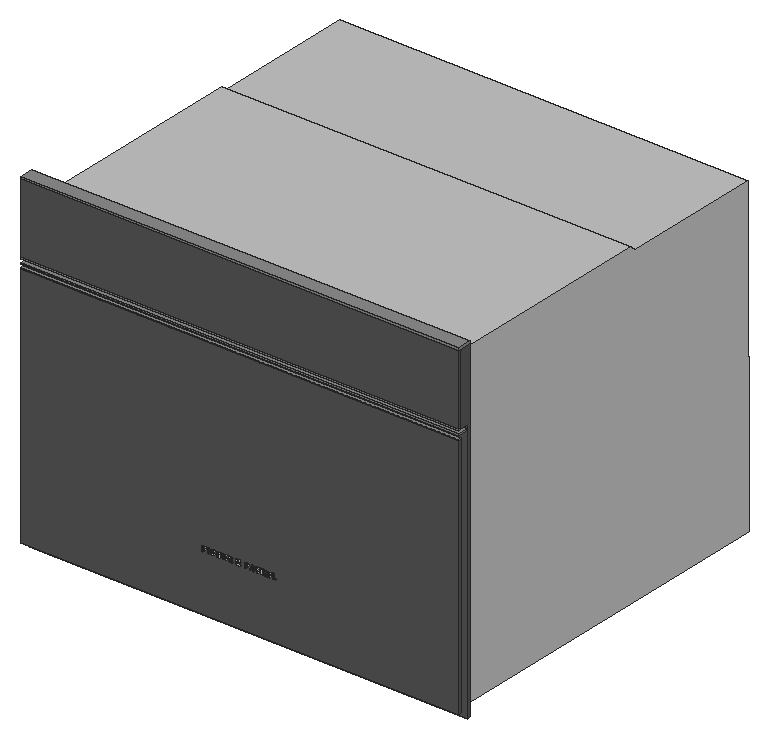
Revit family "FP-Revit20-en-OS24NMTNB1-CompactSteamOven-0-90003591A-AU-NZ-SG-IE-UK-CN", category Specialty Equipment, Revit 2020
Family settings
  Round Connector Dimension = Use Diameter
  Part Type = Normal
  OmniClass Number = 23.40.40.14.17.11
  OmniClass Title = Cookers, Ovens, Stoves
  Work Plane-Based = No
  Always vertical = Yes
  Cut with Voids When Loaded = Yes
  Shared = No
  Room Calculation Point = No
Parameters (values of type "OS24NMTNB1 (Black Glass)")
  Visibility - Clearance Required = yes
  URL = "www.fisherpaykel.com"
  Product - Height = 458 mm  # constant formula
  Product - Width = 596 mm  # constant formula
  Product - Depth = 565 mm  # constant formula
  Door Opening - Height = 347 mm  # constant formula
  Model = "OS24NMTNB1"
  Material - Trim = Fisher & Paykel - Aluminium, Dark
  Material - Structure = Fisher & Paykel - Black
  Material - Glass = Fisher & Paykel - Glass, Black
  Material - Body = Fisher & Paykel - Grey
  Manufacturer = "Fisher & Paykel Appliances"
  FFL Offset [instance] = 900 mm
  Description = "Compact Steam Oven, 60cm, 23 Function"
  Default Elevation = 0 mm
  Connector Description - Electrical = "208 or 240V, 60Hz ,20A"
  Chassis - Width = 556 mm  # constant formula
  Chassis - Height = 435 mm  # constant formula
  Chassis - Depth = 545 mm  # constant formula
  Cavity - Width = 560 mm  # constant formula
  Cavity - Height = 440 mm  # constant formula
  Cavity - Depth = 550 mm  # constant formula
Reference planes
  plane 1 "Datum": y = 0
  plane 2: z = -2
  plane 3 "Center (Left/Right)": x = 0
  plane 4 "Product - LHS": x = -298
  plane 5 "Product - RHS": x = 298
  plane 6 "Cavity - RHS": x = 280
  plane 7 "FFL Offset": z = 898
  plane 8 "Chassis - Depth": y = 545
  plane 9 "Front Face": y = -20
  plane 10 "Chassis - Height": z = 1333
  plane 11 "Cavity - Height": z = 1338
  plane 12 "Opening - Height": z = 1245
  plane 13 "Cavity - LHS": x = -280
  plane 14 "Cavity - Depth": y = 550
  plane 15 "Product - Height": z = 1356
  plane 16 "Opening - RHS": x = 300
  plane 17 "Opening - LHS": x = -300
  plane 18 "Chassis - LHS": x = -278
  plane 19 "Chassis RHS": x = 278
Forms (mm)
  Extrusion 1, solid, material "Fisher & Paykel - Grey" <- "Material - Body"
    sketch origin (0, 0, 0) x (0, 1, 0) y (0, 0, 1)
      loop
        line (0, 1333) -> (0, 898) -> (528, 898) -> (528, 948) -> (545, 968) -> (545, 1163) -> (498, 1218) -> (498, 1326) -> (305, 1326) -> (298, 1333) -> (0, 1333)
    from -278 to 278
  Extrusion 2, solid, material "Fisher & Paykel - Black" <- "Material - Structure", detail levels fine
    sketch origin (0, 0, 0) x (0, 1, 0) y (0, 0, 1)
      loop
        line (0, 1352.7) -> (-16, 1352.7) -> (-16, 1256) -> (-4, 1256) -> (-4, 898) -> (0, 898) -> (0, 1352.7)
    from -298 to 298
  Extrusion 3, solid, material "Fisher & Paykel - Glass, Black" <- "Material - Glass", detail levels fine
    sketch origin (0, 0, -3) x (0, 1, 0) y (0, 0, 1)
      loop
        line (-20, 1246.4) -> (-20, 912.8) -> (-16, 912.8) -> (-16, 1246.4) -> (-20, 1246.4)
      loop
        line (-20, 1260.8) -> (-16, 1260.8) -> (-16, 1355.7) -> (-20, 1355.7) -> (-20, 1260.8)
    from -298 to 298
  Extrusion 4, solid, material "Fisher & Paykel - Clearance Required", visible <- "Visibility - Clearance Required", detail levels coarse
    sketch origin (0, 0, -2) x (1, 0, 0) y (0, 1, 0)
      loop
        line (-280, 0) -> (280, 0) -> (280, 550) -> (-280, 550) -> (-280, 0)
    from 900 to 1340
  Extrusion 5, void
    sketch origin (0, 0, 0) x (0, 1, 0) y (0, 0, 1)
      loop
        line (-20, 898) -> (0, 898) -> (0, 1245) -> (-20, 1245) -> (-20, 898)
    from -300 to 300
  Extrusion 6, solid, material "Fisher & Paykel - Grey" <- "Material - Body"
    sketch origin (0, 2, 0) x (0, 1, 0) y (0, 0, 1)
      loop
        line (496, 1293.999) -> (496, 1237) -> (517.999, 1237) -> (517.999, 1293.999) -> (496, 1293.999)
    from -221 to -127
  Extrusion 7, solid, material "Fisher & Paykel - Aluminium, Dark" <- "Material - Trim", detail levels fine
    sketch origin (0, 0, -1.199) x (0, 1, 0) y (0, 0, 1)
      loop
        line (-16, 1257.199) -> (-16, 1258.999) -> (-20, 1258.999) -> (-20, 1257.199) -> (-16, 1257.199)
      loop
        line (-16, 1244.599) -> (-16, 1246.199) -> (-20, 1246.199) -> (-20, 1244.599) -> (-16, 1244.599)
      loop
        line (-4, 1250.799) -> (-4, 1252.399) -> (-20, 1252.399) -> (-20, 1250.799) -> (-4, 1250.799)
      loop
        line (0, 1353.899) -> (0, 1357.199) -> (-20, 1357.199) -> (-20, 1353.899) -> (0, 1353.899)
    from -298 to 298
  Extrusion 8, void
    sketch origin (0, 0, -2) x (1, 0, 0) y (0, 1, 0)
      loop
        line (201.865, 545) -> (229, 498) -> (278, 498) -> (278, 545) -> (201.865, 545)
      loop
        line (-201.865, 545) -> (-278, 545) -> (-278, 498) -> (-229, 498) -> (-201.865, 545)
    from 900 to 1340
  Extrusion 9, solid, material "Fisher & Paykel - Grey" <- "Material - Body"
    sketch origin (0, 6.626, -14.403) x (0, 1, 0) y (0, 0, 1)
      loop
        circle (501.374, 1279.903) r 5
    from -271 to -221
  Extrusion 10, void
    sketch origin (0, 0, -2) x (1, 0, 0) y (0, 1, 0)
      loop
        line (-280, 0) -> (280, 0) -> (280, 550) -> (-280, 550) -> (-280, 0)
    from 900 to 1340
  Extrusion 11, solid, material "Fisher & Paykel - Glass, Black" <- "Material - Glass", detail levels coarse+medium
    sketch origin (0, 0, 0) x (0, 1, 0) y (0, 0, 1)
      loop
        line (0, 1356) -> (-20, 1356) -> (-20, 1256) -> (-4, 1256) -> (-4, 1251.2) -> (-4, 1242.5) -> (-16, 1242.5) -> (-16, 1245) -> (-20, 1245) -> (-20, 909.8) -> (-4, 909.8) -> (-4, 898) -> (0, 898) -> (0, 1356)
    from -298 to 298
  Extrusion 12, solid, material "Fisher & Paykel - Black", detail levels fine
    sketch origin (0, 0, 0) x (0, 1, 0) y (0, 0, 1)
      loop
        line (-16, 1242.5) -> (-16, 909.8) -> (-4, 909.8) -> (-4, 1242.5) -> (-16, 1242.5)
    from -278 to 278
  Extrusion 13, solid, material "Fisher & Paykel - Clearance Required", visible <- "Visibility - Clearance Required", detail levels coarse
    sketch origin (0, 0, -15) x (0, 1, 0) y (0, 0, 1)
      loop
        line (-20, 927.07) -> (-20, 913) -> (0, 913) -> (0, 1260) -> (-20, 1260)
        arc (-20, 1260) -> (-242.697, 1184.786) -> (-349.951, 975.626) r 312.455
        line (-349.951, 975.626) -> (-20, 927.07)
    from -300 to 300
Cuts and joins
  Extrusion 8 cuts Extrusion 1
Text (mm)
  text "Due to ongoing product development, product details are subject to change without notice. \nPlease always refer to www.fisherpaykel.com for the most current product information. \n© Fisher & Paykel 2020" at (41.04, -613.295, 0), in view "Ref. Level (Plan)"
Dimensions and locks
  equal spacing: plane 4 "Product - LHS", plane 3 "Center (Left/Right)", plane 5 "Product - RHS"
  "Product - Width": plane 4 "Product - LHS" to plane 5 "Product - RHS"
  "FFL Offset": plane 7 "FFL Offset" to level
  locked: plane 9 "Front Face" to plane 1 "Datum" at 20
  "Cavity - Height": plane 11 "Cavity - Height" to plane 7 "FFL Offset"
  "Chassis - Height": plane 10 "Chassis - Height" to plane 7 "FFL Offset"
  "Cavity - Depth": plane 1 "Datum" to plane 14 "Cavity - Depth"
  "Cavity - Width": plane 13 "Cavity - LHS" to plane 6 "Cavity - RHS"
  Extrusion 5 to Extrusion 3 = 11.8 mm
  "Chassis - Depth": plane 1 "Datum" to plane 8 "Chassis - Depth"
  equal spacing: plane 13 "Cavity - LHS", plane 3 "Center (Left/Right)", plane 6 "Cavity - RHS"
  "Door Opening - Height": plane 7 "FFL Offset" to plane 12 "Opening - Height"
  "Product - Height": plane 7 "FFL Offset" to plane 15 "Product - Height"
  equal spacing: cut or joined group of Extrusion 1, Extrusion 8, plane 3 "Center (Left/Right)", cut or joined group of Extrusion 1, Extrusion 8
  "Chassis - Width": cut or joined group of Extrusion 1, Extrusion 8 to cut or joined group of Extrusion 1, Extrusion 8
  locked: nested 1 to plane 15 "Product - Height" at 366.018
  plane 8 "Chassis - Depth" to plane 9 "Front Face" = 565 mm
  aligned and locked: level to plane 2
  aligned and locked: plane 4 "Product - LHS" to Extrusion 3
  aligned and locked: Extrusion 3 to plane 5 "Product - RHS"
  aligned and locked: plane 4 "Product - LHS" to Extrusion 2
  aligned and locked: Extrusion 2 to plane 5 "Product - RHS"
  aligned and locked: Extrusion 1 to plane 7 "FFL Offset"
  aligned and locked: Extrusion 7 to plane 5 "Product - RHS"
  aligned and locked: Extrusion 7 to Extrusion 3
  aligned and locked: Extrusion 3 to Extrusion 5
  aligned and locked: Extrusion 3 to Extrusion 7
  aligned and locked: Extrusion 7 to plane 1 "Datum"
  aligned and locked: plane 9 "Front Face" to Extrusion 5
  aligned and locked: Extrusion 4 to plane 6 "Cavity - RHS"
  aligned and locked: Extrusion 9 to Extrusion 6
  aligned and locked: plane 11 "Cavity - Height" to Extrusion 4
  aligned and locked: Extrusion 5 to plane 12 "Opening - Height"
  aligned and locked: Extrusion 5 to Extrusion 2
  aligned and locked: Extrusion 7 to plane 15 "Product - Height"
  aligned and locked: Extrusion 7 to Extrusion 2
  aligned and locked: Extrusion 8 to Extrusion 1
  aligned and locked: Extrusion 4 to Extrusion 2
  aligned and locked: Extrusion 4 to Extrusion 8
  aligned and locked: Extrusion 4 to plane 7 "FFL Offset"
  aligned and locked: Extrusion 1 to Extrusion 8
  aligned and locked: Extrusion 11 sketch curve to plane 15 "Product - Height"
  aligned and locked: plane 11 "Cavity - Height" to Extrusion 10
  aligned and locked: Extrusion 2 to Extrusion 10
  aligned and locked: plane 10 "Chassis - Height" to Extrusion 1
  aligned and locked: Extrusion 3 to Extrusion 12
  aligned and locked: Extrusion 2 to Extrusion 3
Automatic sketch dimensions
  Extrusion 1 sketch curve to plane 1 "Datum" = 0 mm
  Extrusion 1 sketch curve to plane 10 "Chassis - Height" = 0 mm
  Extrusion 1 sketch curve to plane 7 "FFL Offset" = 0 mm
  Extrusion 1 sketch curve to plane 8 "Chassis - Depth" = 0 mm
  Extrusion 1 sketch curve to Extrusion 1 sketch curve = 7 mm
  Extrusion 1 sketch curve to plane 10 "Chassis - Height" = 7 mm
  plane 7 "FFL Offset" to Extrusion 1 sketch curve = 50 mm
  Extrusion 1 sketch curve to Extrusion 1 sketch curve = 20 mm
  Extrusion 1 sketch curve to Extrusion 1 sketch curve = 163 mm
  Extrusion 1 sketch curve to Extrusion 1 sketch curve = 55 mm
  Extrusion 2 sketch curve to plane 7 "FFL Offset" = 0 mm
  Extrusion 2 sketch curve to plane 1 "Datum" = 0 mm
  plane 1 "Datum" to Extrusion 2 sketch curve = 4 mm
  Extrusion 2 sketch curve to plane 9 "Front Face" = 4 mm
  Extrusion 2 sketch curve to plane 10 "Chassis - Height" = 77 mm
  plane 15 "Product - Height" to Extrusion 2 sketch curve = 3.3 mm
  Extrusion 3 sketch curve to plane 9 "Front Face" = 0 mm  (x2)
  Extrusion 3 sketch curve to Extrusion 3 sketch curve = 4 mm  (x2)
  plane 7 "FFL Offset" to Extrusion 3 sketch curve = 11.8 mm
  Extrusion 3 sketch curve to plane 10 "Chassis - Height" = 89.6 mm
  Extrusion 3 sketch curve to Extrusion 3 sketch curve = 14.4 mm
  plane 15 "Product - Height" to Extrusion 3 sketch curve = 3.3 mm
  Extrusion 4 sketch curve to plane 13 "Cavity - LHS" = 0 mm
  Extrusion 4 sketch curve to plane 6 "Cavity - RHS" = 0 mm
  plane 1 "Datum" to Extrusion 4 sketch curve = 0 mm
  Extrusion 4 sketch curve to plane 14 "Cavity - Depth" = 0 mm
  Extrusion 5 sketch curve to plane 9 "Front Face" = 0 mm
  Extrusion 5 sketch curve to plane 1 "Datum" = 0 mm
  Extrusion 5 sketch curve to plane 7 "FFL Offset" = 0 mm
  plane 12 "Opening - Height" to Extrusion 5 sketch curve = 0 mm
  Extrusion 6 sketch curve to Extrusion 6 sketch curve = 21.999 mm
  Extrusion 6 sketch curve to plane 10 "Chassis - Height" = 96 mm
  Extrusion 6 sketch curve to plane 10 "Chassis - Height" = 39.001 mm
  Extrusion 7 sketch curve to plane 9 "Front Face" = 0 mm  (x4)
  Extrusion 7 sketch curve to plane 1 "Datum" = 0 mm
  plane 15 "Product - Height" to Extrusion 7 sketch curve = 0 mm
  Extrusion 7 sketch curve to Extrusion 7 sketch curve = 4 mm  (x2)
  plane 1 "Datum" to Extrusion 7 sketch curve = 4 mm
  plane 15 "Product - Height" to Extrusion 7 sketch curve = 3.3 mm
  Extrusion 7 sketch curve to plane 10 "Chassis - Height" = 75.2 mm
  Extrusion 7 sketch curve to Extrusion 7 sketch curve = 1.8 mm
  Extrusion 7 sketch curve to Extrusion 7 sketch curve = 4.8 mm
  Extrusion 7 sketch curve to Extrusion 7 sketch curve = 1.6 mm  (x2)
  Extrusion 7 sketch curve to Extrusion 7 sketch curve = 4.6 mm
  Extrusion 8 sketch curve to plane 8 "Chassis - Depth" = 0 mm  (x2)
  Extrusion 8 sketch curve to plane 18 "Chassis - LHS" = 0 mm
  Extrusion 8 sketch curve to plane 19 "Chassis RHS" = 0 mm
  Extrusion 8 sketch curve to Extrusion 8 sketch curve = 49 mm  (x2)
  Extrusion 8 sketch curve to Extrusion 8 sketch curve = 27.135 mm
  Extrusion 8 sketch curve to Extrusion 8 sketch curve = 76.135 mm
  Extrusion 9 sketch curve to plane 10 "Chassis - Height" = 67.5 mm
  Extrusion 10 sketch curve to plane 13 "Cavity - LHS" = 0 mm
  Extrusion 10 sketch curve to plane 6 "Cavity - RHS" = 0 mm
  plane 1 "Datum" to Extrusion 10 sketch curve = 0 mm
  Extrusion 10 sketch curve to plane 14 "Cavity - Depth" = 0 mm
  Extrusion 11 sketch curve to plane 9 "Front Face" = 0 mm  (x2)
  Extrusion 11 sketch curve to plane 7 "FFL Offset" = 0 mm
  Extrusion 11 sketch curve to plane 1 "Datum" = 0 mm
  Extrusion 11 sketch curve to Extrusion 11 sketch curve = 4 mm
  plane 1 "Datum" to Extrusion 11 sketch curve = 4 mm  (x2)
  plane 7 "FFL Offset" to Extrusion 11 sketch curve = 11.8 mm
  Extrusion 11 sketch curve to plane 10 "Chassis - Height" = 90.5 mm
  Extrusion 11 sketch curve to Extrusion 11 sketch curve = 2.5 mm
  Extrusion 11 sketch curve to Extrusion 11 sketch curve = 8.7 mm
  Extrusion 11 sketch curve to Extrusion 11 sketch curve = 11 mm
  Extrusion 12 sketch curve to plane 9 "Front Face" = 4 mm
  plane 1 "Datum" to Extrusion 12 sketch curve = 4 mm
  plane 7 "FFL Offset" to Extrusion 12 sketch curve = 11.8 mm
  Extrusion 12 sketch curve to plane 10 "Chassis - Height" = 90.5 mm
  Extrusion 1 sketch curve to plane 8 "Chassis - Depth" = 247 mm
  Extrusion 1 sketch curve to plane 8 "Chassis - Depth" = 47 mm
  Extrusion 1 sketch curve to plane 8 "Chassis - Depth" = 17 mm
  Extrusion 6 sketch curve to plane 8 "Chassis - Depth" = 47 mm
  Extrusion 8 sketch curve to plane 8 "Chassis - Depth" = 47 mm  (x2)
  Extrusion 9 sketch curve to plane 8 "Chassis - Depth" = 37 mm
  Extrusion 13 sketch curve to plane 7 "FFL Offset" = 0 mm
  Extrusion 13 sketch curve to plane 9 "Front Face" = 0 mm  (x3)
  Extrusion 13 sketch curve to plane 1 "Datum" = 0 mm
  plane 12 "Opening - Height" to Extrusion 13 sketch curve = 0 mm  (x2)
  plane 9 "Front Face" to Extrusion 13 sketch curve = 18.71 mm
  plane 7 "FFL Offset" to Extrusion 13 sketch curve = 14.07 mm
  Extrusion 13 sketch curve to Extrusion 13 sketch curve = 21.035 mm
  plane 7 "FFL Offset" to Extrusion 13 sketch curve = 62.626 mm
  radius of Extrusion 9 sketch curve = 5 mm
Nested families
  nested 1: "F&P Logo 100mm" at (0.044, -20, 987.177), type "Grey"
Connectors
  electrical at (-174, 519.999, 1265.5)
    settings: on Extrusion 6, index 1, voltage 240 V, apparent load 0 VA, apparent load phase1 0 VA, apparent load phase2 0 VA, apparent load phase3 0 VA, power factor 1, load classification "Other", number of poles 1, system type 31, power factor state 1, is connector primary yes, connector utility no, sub classification motor no, connector description ""
Definition of nested family "F&P Logo 100mm"
  Parameters (values of type "Grey")
    URL = "www.fisherpaykel.com"
    Material - Logo = none
    Manufacturer = "Fisher & Paykel Appliances"
    Default Elevation = 0 mm
  Reference planes
    plane 1 "Center (Front/Back)": y = 0
    plane 2: z = 0
    plane 3 "Center (Left/Right)": x = 0
    plane 4 "Logo": z = 2.805
  Forms (mm)
    Extrusion 1, solid, material <- "Material - Logo", detail levels fine
      sketch origin (0, 0, 0) x (1, 0, 0) y (0, 0, 1)
        loop
          line (-50.044, 0) -> (-48.47, 0) -> (-48.47, 2.138) -> (-46.011, 2.138) -> (-46.011, 3.472) -> (-48.47, 3.472) -> (-48.47, 4.712) -> (-45.795, 4.712) -> (-45.795, 6.04) -> (-50.044, 6.04) -> (-50.044, 0)
        loop
          line (-42.804, 6.04) -> (-42.804, 0) -> (-41.23, 0) -> (-41.23, 6.04) -> (-42.804, 6.04)
        loop
          line (-30.724, 6.04) -> (-30.724, 0) -> (-29.151, 0) -> (-29.151, 2.42) -> (-26.839, 2.42) -> (-26.839, 0) -> (-25.265, 0) -> (-25.265, 6.04) -> (-26.839, 6.04) -> (-26.839, 3.748) -> (-29.151, 3.748) -> (-29.151, 6.04) -> (-30.724, 6.04)
        loop
          line (-21.906, 6.04) -> (-21.906, 0) -> (-17.602, 0) -> (-17.602, 1.328) -> (-20.347, 1.328) -> (-20.347, 2.42) -> (-17.838, 2.42) -> (-17.838, 3.748) -> (-20.347, 3.748) -> (-20.347, 4.712) -> (-17.602, 4.712) -> (-17.602, 6.04) -> (-21.906, 6.04)
        loop
          line (45.667, 6.04) -> (45.667, 0) -> (49.956, 0) -> (49.956, 1.328) -> (47.241, 1.328) -> (47.241, 6.04) -> (45.667, 6.04)
        loop
          line (42.431, 6.04) -> (38.112, 6.04) -> (38.112, 0) -> (42.431, 0) -> (42.431, 1.328) -> (39.687, 1.328) -> (39.687, 2.42) -> (42.195, 2.42) -> (42.195, 3.748) -> (39.687, 3.748) -> (39.687, 4.712) -> (42.431, 4.712) -> (42.431, 6.04)
        loop
          line (33.443, 3.137) -> (35.683, 6.04) -> (33.844, 6.04) -> (31.915, 3.542) -> (31.915, 6.04) -> (30.342, 6.04) -> (30.342, 0) -> (31.915, 0) -> (31.915, 2.705) -> (33.903, 0) -> (35.747, 0) -> (33.443, 3.137)
        loop
          line (21.98, 6.04) -> (24.262, 2.42) -> (24.262, 0) -> (25.837, 0) -> (25.837, 2.341) -> (28.119, 6.04) -> (26.446, 6.04) -> (25.099, 3.707) -> (23.753, 6.04) -> (21.98, 6.04)
        loop
          line (18.479, 6.04) -> (16.983, 6.04) -> (14.524, 0) -> (16.069, 0) -> (16.501, 1.112) -> (18.786, 1.112) -> (19.219, 0) -> (20.938, 0) -> (18.479, 6.04)
        loop
          line (18.4, 2.439) -> (17.693, 4.174) -> (17.018, 2.439) -> (18.4, 2.439)
        loop
          line (8.031, 6.04) -> (8.031, 0) -> (9.605, 0) -> (9.605, 1.938) -> (10.599, 1.938)
          arc (10.599, 1.938) -> (12.65, 3.989) -> (10.599, 6.04) r 2.051
          line (10.599, 6.04) -> (8.031, 6.04)
        loop
          line (9.605, 4.712) -> (9.605, 3.197) -> (10.501, 3.197)
          arc (10.501, 3.197) -> (11.259, 3.954) -> (10.501, 4.712) r 0.757
          line (10.501, 4.712) -> (9.605, 4.712)
        loop
          line (-11.783, 6.04) -> (-14.366, 6.04) -> (-14.366, 0) -> (-12.792, 0) -> (-12.792, 1.336) -> (-11.992, 1.336) -> (-10.972, 0) -> (-9.153, 0) -> (-10.694, 1.973)
          arc (-10.694, 1.973) -> (-9.678, 4.424) -> (-11.783, 6.04) r 2.179
        loop
          line (-11.897, 4.712) -> (-12.792, 4.712) -> (-12.792, 3.053) -> (-11.897, 3.053)
          arc (-11.897, 3.053) -> (-11.068, 3.882) -> (-11.897, 4.712) r 0.83
        loop
          line (0.477, 4.712) -> (0.477, 6.153) -> (-3.575, 6.153) -> (-3.575, 4.851) -> (-2.974, 4.112)
          arc (-2.974, 4.112) -> (-3.51, 0.684) -> (-0.045, 0.512) r 2.334
          line (-0.045, 0.512) -> (0.46, -0.109) -> (2.246, -0.109) -> (0.86, 1.594) -> (2.061, 3.324) -> (0.443, 3.324) -> (-0.013, 2.667) -> (-1.677, 4.712) -> (0.477, 4.712)
        loop
          arc (-2.125, 3.068) -> (-2.269, 1.668) -> (-0.868, 1.524) r 0.996
          line (-0.868, 1.524) -> (-2.125, 3.068)
        loop
          line (-35.18, 3.634) -> (-36.516, 3.91)
          arc (-36.516, 3.91) -> (-37.049, 4.443) -> (-36.516, 4.976) r 0.533
          arc (-36.516, 4.976) -> (-35.235, 4.79) -> (-34.059, 4.248) r 4.505
          line (-34.059, 4.248) -> (-34.059, 5.743)
          arc (-34.059, 5.743) -> (-35.549, 6.179) -> (-37.1, 6.109) r 4.726
          arc (-37.1, 6.109) -> (-38.536, 4.335) -> (-37.1, 2.561) r 1.814
          line (-37.1, 2.561) -> (-35.754, 2.282)
          arc (-35.754, 2.282) -> (-35.221, 1.749) -> (-35.754, 1.216) r 0.533
          arc (-35.754, 1.216) -> (-37.035, 1.402) -> (-38.211, 1.945) r 4.505
          line (-38.211, 1.945) -> (-38.211, 0.449)
          arc (-38.211, 0.449) -> (-36.72, 0.013) -> (-35.169, 0.083) r 4.726
          arc (-35.169, 0.083) -> (-33.734, 1.863) -> (-35.18, 3.634) r 1.814
      from 0 to 0.8
  Dimensions and locks
    aligned and locked: level to plane 2
